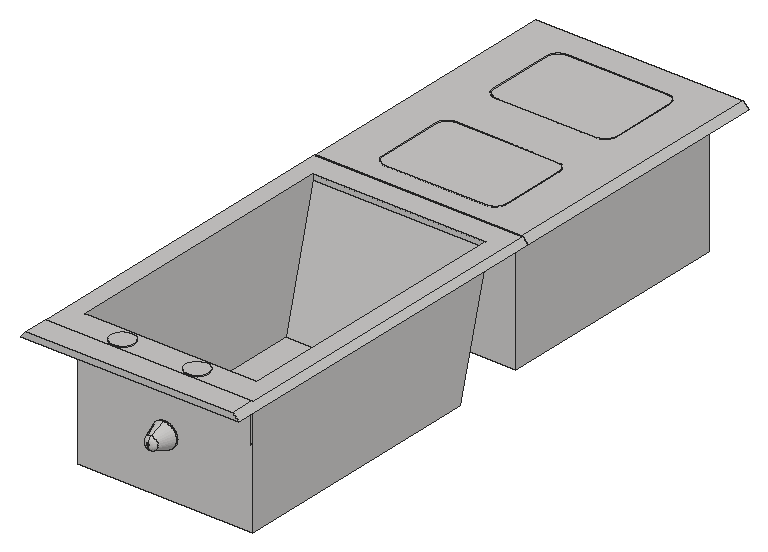
Revit family "Water_Cooler-Bottle_Filler-Wall_Mounted-Acorn-Murdock-AR81408S", category Plumbing Fixtures, host Face, Revit 2016
Family settings
  Host = Face
  Part Type = Normal
  Round Connector Dimension = Use Diameter
  OmniClass Number = 23.65.70.14.11
  OmniClass Title = Drinking Fountains/Coolers
  Cut with Voids When Loaded = No
  Shared = Yes
  Room Calculation Point = No
Parameters (values of type "AR81408S")
  Width = 19"  # constant formula
  Weight Lbs = "110 lbs."  # constant formula
  Watts = 390 W  # constant formula
  Waste Connection = yes
  Warranty Documentation Link = "https://www.murdockmfg.com/uploads/docs/MM_Terms.pdf"
  WFU = 2  # constant formula
  WF3 3000-Gallon Capacity, NSF 42+53, 1-Micron Lead Reduction Filter = no
  WF1 1500-Gallon Capacity, NSF 42+53, = no
  Vent Connection = no
  URL = "http://www.murdockmfg.com/"
  Type Comments = ""
  Tempered Water Connection = no
  Specification = "Model AR81408S is a self-contained, Inverted and Fully Recessed Pressurized Electric Drinking Fountain that shall deliver a minimum of 8.0 GPH (30.3 LPH) of water at 50°F (10°C) cooled from 80°F (26.7°C) inlet water and 90°F (32.2°C) ambient. Unit shall be activated by a chrome plated brass Front Pushbutton(s) using less then 5 pounds of force. Bubbler shall be Stainless Steel, Ligature Resistant and operates on a water pressure range of 20–105 PSIG. Cabinet Panels shall be constructed from 304 Stainless Steel and the Bowl shall have an Integral Ligature Resistant Drain. Cooling system shall use R-134a refrigerant and be capillary tube regulated. An adjustable Thermostat with an off position shall regulate the Refrigeration System. Unit shall be listed by Underwriters Laboratories for both the US and Canada and is compliant to the Air Conditioning and Refrigeration Institute Standard 1010. Unit is certified to ANSI A117.1, Public Law 111-380 (NO-LEAD), CHSC 116875 and NSF/ANSI 61, Section 9. Fixture meets AD], ADA Standing Person, and ADA Child requirements when mounted appropriately."
  Product Page URL = "https://www.murdockmfg.com/product.aspx?ProductId=341"
  Product Documentation Link = "https://www.murdockmfg.com/uploads/fileLibrary/AR81.8.pdf"
  Model = "AR81408S"
  Material = "Metal-Murdock-Stainless Steel-Type 304-Satin"
  Manufacturer = "Murdock"  # constant formula
  Load Rating = "4.6 Full Load Amps"  # constant formula
  Length = 12"  # constant formula
  LBPH Less Bubbler & Less Bubbler Pushbutton Actuator = no
  Installation Type = "FULLY RECESSED, WALL MOUNTED"  # constant formula
  Inlet Diameter Connection = 3/8"  # constant formula
  Height = 55 1/2"  # constant formula
  HWFU = 0  # constant formula
  HW Connection = no
  GPH = "8.0 GPH"  # constant formula
  Finish = Metal-Murdock-Stainless Steel-Type 304-Satin
  Description = "This 16-gauge stainless steel recessed fountain is designed with ligature-resistant features including bubbler, drain, and bottle filler spout. Water is chilled with an in-wall chiller rated at 8 GPH. The unit is ADA-compliant when properly installed with a wheelchair alcove."
  Default Elevation = 33"
  Creation Date = "6/02/2020"  # constant formula
  Connection Size = 1 1/4"  # constant formula
  CWFU = 1.5  # constant formula
  CW Connection = yes
  BF Ligature Resistant Bottle/Cup Filler = no
  Assembly Code = "D2010810"
  ADA Compliant = yes
  220V 220 Volt/50 Hz or 60 Hz Compressor = no
Reference planes (in)
  plane 1 "Center (Front/Back)": y = 0
  plane 2: z = 0
  plane 3 "Center (Left/Right)": x = 0
  plane 4: y = -11
  plane 5: y = -12
  plane 6: x = -9.5
  plane 7: x = 9.5
  plane 8: y = -14.375
  plane 9: y = 15
  plane 10: y = 12.875
  plane 11: z = 0.5
  plane 12: x = -8.125
  plane 13: x = 8.125
  plane 14: z = -11
  plane 15: z = -12
  plane 16: x = -7.5
  plane 17: x = 7.5
  plane 18: z = 0.46875
  plane 19: x = -7.625
  plane 20: x = 7.625
  plane 21: z = -1.6875
  plane 22: x = 6.5
  plane 23: x = -0.96875
  plane 24: x = 0.96875
  plane 25: y = -42.5
  plane 26: y = -16.5
  plane 27: y = 39
  plane 28: y = 38.5
  plane 29: y = -16
Forms (in)
  Extrusion 1, solid, material "Metal-Murdock-Stainless Steel-Type 304-Satin" <- "Finish"
    sketch origin (0, 0, 0) x (1, 0, 0) y (0, 0, 1)
      loop
        line (9.03125, 0.46875) -> (-9.03125, 0.46875) -> (-9.5, 0) -> (9.5, 0) -> (9.03125, 0.46875)
    from -15 to 14.375
  Extrusion 2, solid, material "Metal-Murdock-Stainless Steel-Type 304-Satin" <- "Finish"
    sketch origin (0, 0, 0) x (0, 1, 0) y (0, 0, 1)
      loop
        line (12.875, 0) -> (9.88839, -10.9375) -> (-12.57358, -10.9375) -> (-12.57358, 0) -> (-12.63608, 0) -> (-12.63608, -11) -> (9.93612, -11) -> (12.93979, 0) -> (12.875, 0)
      loop
        line (37.21067, 0) -> (16.21067, 0) -> (16.21067, -11) -> (37.21067, -11) -> (37.21067, 0)
    from -7.5 to 7.5
  Extrusion 3, void
    sketch origin (0, 0, 0) x (1, 0, 0) y (0, 1, 0)
      loop
        line (-7.5, 12.875) -> (-7.5, -12) -> (7.5, -12) -> (7.5, 12.875) -> (-7.5, 12.875)
      loop
        arc (4.375, 28.8125) -> (5.08211, 29.10539) -> (5.375, 29.8125) r 1
        line (5.375, 29.8125) -> (5.375, 35.5625)
        arc (5.375, 35.5625) -> (5.08211, 36.26961) -> (4.375, 36.5625) r 1
        line (4.375, 36.5625) -> (-4.3125, 36.5625)
        arc (-4.3125, 36.5625) -> (-5.01961, 36.26961) -> (-5.3125, 35.5625) r 1
        line (-5.3125, 35.5625) -> (-5.3125, 29.8125)
        arc (-5.3125, 29.8125) -> (-5.01961, 29.10539) -> (-4.3125, 28.8125) r 1
        line (-4.3125, 28.8125) -> (4.375, 28.8125)
      loop
        arc (4.375, 16.8125) -> (5.08211, 17.10539) -> (5.375, 17.8125) r 1
        line (5.375, 17.8125) -> (5.375, 23.5625)
        arc (5.375, 23.5625) -> (5.08211, 24.26961) -> (4.375, 24.5625) r 1
        line (4.375, 24.5625) -> (-4.375, 24.5625)
        arc (-4.375, 24.5625) -> (-5.08211, 24.26961) -> (-5.375, 23.5625) r 1
        line (-5.375, 23.5625) -> (-5.375, 17.8125)
        arc (-5.375, 17.8125) -> (-5.08211, 17.10539) -> (-4.375, 16.8125) r 1
        line (-4.375, 16.8125) -> (4.375, 16.8125)
    from 0 to 0.5
  Extrusion 4, solid, material "Metal-Murdock-Stainless Steel-Type 304-Satin" <- "Finish"
    sketch origin (0, 0, 0) x (1, 0, 0) y (0, 1, 0)
      loop
        circle (-3.25, -13.1875) r 1
      loop
        circle (3.25, -13.1875) r 1
    from 0.46875 to 0.5
  Extrusion 5, solid, material "Metal-Murdock-Stainless Steel-Type 304-Satin" <- "Finish"
    sketch origin (0, 0.375, 0) x (1, 0, 0) y (0, 1, 0)
      loop
        arc (-4.375, 36.1875) -> (-5.08211, 35.89461) -> (-5.375, 35.1875) r 1
        line (-5.375, 35.1875) -> (-5.375, 29.4375)
        arc (-5.375, 29.4375) -> (-5.08211, 28.73039) -> (-4.375, 28.4375) r 1
        line (-4.375, 28.4375) -> (4.375, 28.4375)
        arc (4.375, 28.4375) -> (5.08211, 28.73039) -> (5.375, 29.4375) r 1
        line (5.375, 29.4375) -> (5.375, 35.1875)
        arc (5.375, 35.1875) -> (5.08211, 35.89461) -> (4.375, 36.1875) r 1
        line (4.375, 36.1875) -> (-4.375, 36.1875)
      loop
        arc (-4.375, 24.1875) -> (-5.08211, 23.89461) -> (-5.375, 23.1875) r 1
        line (-5.375, 23.1875) -> (-5.375, 17.4375)
        arc (-5.375, 17.4375) -> (-5.08211, 16.73039) -> (-4.375, 16.4375) r 1
        line (-4.375, 16.4375) -> (4.375, 16.4375)
        arc (4.375, 16.4375) -> (5.08211, 16.73039) -> (5.375, 17.4375) r 1
        line (5.375, 17.4375) -> (5.375, 23.1875)
        arc (5.375, 23.1875) -> (5.08211, 23.89461) -> (4.375, 24.1875) r 1
        line (4.375, 24.1875) -> (-4.375, 24.1875)
    from 0.44255 to 0.47739
  Extrusion 6, solid, material "Metal-Murdock-Stainless Steel-Type 304-Satin" <- "Finish"
    sketch origin (0, 0, 0) x (0, 1, 0) y (0, 0, 1)
      loop
        line (9.93612, -11) -> (12.93979, 0) -> (12.93979, 0.46875) -> (-12.0625, 0.46875) -> (-12.0625, -1.17599) -> (-12.63608, -1.99514) -> (-12.63608, -11) -> (9.93612, -11)
    from -7.5 to -7.625
  Extrusion 7, solid, material "Metal-Murdock-Stainless Steel-Type 304-Satin" <- "Finish"
    sketch origin (0, 0, 0) x (0, 1, 0) y (0, 0, -1)
      loop
        line (9.93612, 11) -> (-12.63608, 11) -> (-12.63608, 4.17445) -> (-12.0625, 3.35529) -> (-12.0625, -0.46875) -> (12.93979, -0.46875) -> (12.93979, 0) -> (9.93612, 11)
    from -7.5 to -7.625
  Revolve 8, solid, material "Metal-Murdock-Stainless Steel-Type 304-Satin" <- "Finish"
    sketch origin (6.5, 60, 48) x (0, 1, 0) y (0, 0, 1)
      loop
        line (-71.16016, -49.37921) -> (-72, -49.07353) -> (-72, -49.6875) -> (-71, -49.6875) -> (-71, -49.60794)
        arc (-71, -49.60794) -> (-71.04402, -49.46832) -> (-71.16016, -49.37921) r 0.24341
      axis (-72, -49.6875) -> (-71, -49.6875)
    angle from 0 to 360
  Blend 9, solid, material "Metal-Murdock-Stainless Steel-Type 304-Satin" <- "Finish"
    base sketch origin (0, 0, 0) x (0, 1, 0) y (0, 0, 1)
      loop
        line (-12.57358, -4.19415) -> (-12, -3.375) -> (-12, 0) -> (-12.57358, 0) -> (-12.57358, -4.19415)
    top sketch origin (0, 0, 0) x (0, 1, 0) y (0, 0, 1)
      loop
        line (-12.57358, 0) -> (-12.57358, -1.90588) -> (-12, -1.08673) -> (-12, 0) -> (-12.57358, 0)
    from 7.625 to -7.625
  Revolve 10, solid, material "Metal-Murdock-Stainless Steel-Type 304-Satin" <- "Finish"
    sketch origin (0, 0.3125, 0) x (0, 1, 0) y (0, 0, 1)
      loop
        line (-0.28878, -9.81031) -> (-0.69904, -10.9375) -> (0.125, -10.9375) -> (0.125, -9.59535) -> (0.01822, -9.59535)
        arc (0.01822, -9.59535) -> (-0.16917, -9.65443) -> (-0.28878, -9.81031) r 0.32669
      axis (0.125, -10.9375) -> (0.125, -9.59535)
    angle from 0 to 360
  Extrusion 11, void
    sketch origin (0, 0, 0) x (0, 1, 0) y (0, 0, 1)
      loop
        line (0.13762, -9.53299) -> (-0.44979, -9.53299) -> (-0.44979, -10.9375) -> (0, -10.9375) -> (0.13762, -9.53299)
    from -0.96875 to 0.96875
  Revolve 12, solid, material "Metal-Murdock-Stainless Steel-Type 304-Satin" <- "Finish"
    sketch origin (0, -15.48578, -4.73457) x (0, 0, 1) y (0, -1, 0)
      loop
        arc (-1.83895, -1.39106) -> (-1.683, -1.18781) -> (-1.43867, -1.11078) r 0.42597
        line (-1.43867, -1.11078) -> (-1.40603, -1.11078) -> (-1.40603, -1.07953) -> (-1.43867, -1.07953)
        arc (-1.43867, -1.07953) -> (-1.70092, -1.16222) -> (-1.86832, -1.38037) r 0.45722
        line (-1.86832, -1.38037) -> (-2.37203, -2.7643)
        arc (-2.37203, -2.7643) -> (-2.38102, -2.79785) -> (-2.38405, -2.83245) r 0.19927
        line (-2.38405, -2.83245) -> (-2.38405, -2.9122) -> (-2.3528, -2.9122) -> (-2.3528, -2.83245)
        arc (-2.3528, -2.83245) -> (-2.35024, -2.80328) -> (-2.34266, -2.77499) r 0.16802
        line (-2.34266, -2.77499) -> (-1.83895, -1.39106)
      axis (-1.3011, -2.9122) -> (-1.3011, -1.07953)
    angle from 0 to 360
  Revolve 13, void
    sketch origin (0, 0, 0) x (0, 1, 0) y (0, 0, 1)
      loop
        line (-12.57358, -4.98397) -> (-12.63608, -4.98397) -> (-12.63608, -6.03567) -> (-12.57358, -6.03567) -> (-12.57358, -4.98397)
      axis (-12.63608, -6.03567) -> (-12.57358, -6.03567)
    angle from 0 to 360
  Extrusion 14, void
    sketch origin (-60.04412, -36.63609, 0) x (1, 0, 0) y (0, 1, 0)
      loop
        line (68.16912, 20.63609) -> (68.16912, 75.13609) -> (51.91912, 75.13609) -> (51.91912, 20.63609) -> (68.16912, 20.63609)
    from -12 to 0
  Revolve 15, solid, not visible
    sketch origin (0, 0, 0) x (0, 1, 0) y (0, 0, 1)
      loop
        line (15, -12) -> (14.75, -12) -> (14.75, -12.03125) -> (15, -12.03125) -> (15, -12)
      axis (15, -12.03125) -> (15, -11.99188)
    angle from 0 to 360
  Revolve 16, solid, not visible
    sketch origin (0, 8, 0) x (0, 1, 0) y (0, 0, 1)
      loop
        line (-22.375, -12) -> (-23, -12) -> (-23, -12.03125) -> (-22.375, -12.03125) -> (-22.375, -12)
      axis (-22.375, -12.03125) -> (-22.375, -11.99188)
    angle from 0 to 360
  Extrusion 17, solid, material "Metal-Murdock-Stainless Steel-Type 304-Satin" <- "Finish"
    sketch origin (0, 37.375, 0) x (1, 0, 0) y (0, 0, 1)
      loop
        line (9, 0.5) -> (-9, 0.5) -> (-9.5, 0) -> (9.5, 0) -> (9, 0.5)
    from -1.625 to 22.375
  Extrusion 18, solid, material "Metal-Murdock-Stainless Steel-Type 304-Satin" <- "Finish"
    sketch origin (0, -29.40625, 0) x (1, 0, 0) y (0, 0, 1)
      loop
        line (9, 0.5) -> (-9, 0.5) -> (-9.5, 0) -> (9.5, 0) -> (9, 0.5)
    from -15.03125 to -12.90625
Cuts and joins
  Extrusion 3, Extrusion 11, Revolve 13 cuts Extrusion 1
  Extrusion 11, Revolve 13 cuts Extrusion 2
  Extrusion 11, Revolve 13 cuts Extrusion 4
  Extrusion 11, Revolve 13 cuts Extrusion 5
  Extrusion 11, Revolve 13 cuts Extrusion 6
  Extrusion 11, Revolve 13 cuts Extrusion 7
  Extrusion 11, Revolve 13 cuts Blend 9
  Extrusion 11 cuts Revolve 10
  Revolve 13 cuts Revolve 12
  joined: Extrusion 1, Extrusion 2, Extrusion 4, Extrusion 5, Extrusion 6, Extrusion 7, Revolve 8, Blend 9, Revolve 10, Revolve 12, Extrusion 18
  Extrusion 3 cuts Extrusion 17
Lines and regions (in)
  Masking region 1
    outline origin (0, 0, 0) x (1, 0, 0) y (0, 0, 1)
      loop
        line (-7.625, -11) -> (7.625, -11) -> (7.625, 0) -> (9.5, 0) -> (9, 0.5) -> (-9, 0.5) -> (-9.5, 0) -> (-7.625, 0) -> (-7.625, -11)
  symbolic lines, detail levels medium+fine
    curve 1: line (-7.625, 0, 0) -> (7.625, 0, 0)
Dimensions and locks (in)
  locked: plane 5 to plane 4 at 1
  "Width": plane 6 to plane 7
  equal spacing: plane 6, plane 3 "Center (Left/Right)", plane 7
  locked: plane 11 to level at 0.5
  plane 12 to plane 13 = 16 1/4"
  level to plane 14 = 11"
  "Length": level to plane 15
  plane 4 to Extrusion 2 sketch curve = 1.57358"
  locked: Extrusion 2 sketch curve to Extrusion 2 sketch curve at 0.0625  (x3)
  plane 16 to plane 17 = 15"
  equal spacing: plane 16, plane 3 "Center (Left/Right)", plane 17
  locked: plane 11 to plane 18 at 0.03125
  locked: plane 17 to plane 20 at 0.125
  equal spacing: plane 23, plane 3 "Center (Left/Right)", plane 24
  Extrusion 11 sketch curve to Extrusion 11 sketch curve to Extrusion 11 sketch curve = 0.13762" locked, 0.44979" locked
  locked: plane 15 to Revolve 15 sketch curve at 0.03125
  plane 25 to plane 4 = 31 1/2"
  plane 4 to plane 1 "Center (Front/Back)" = 11"
  plane 26 to plane 9 = 31 1/2"
  locked: plane 10 to plane 9 at 2.125
  plane 26 to plane 8 to plane 5 = 2 1/8" locked, 2 3/8" locked
  locked: plane 9 to plane 27 at 24
  "Height": plane 26 to plane 27
  aligned and locked: plane 2 to host face
  aligned and locked: level to host face
  aligned and locked: host face to Extrusion 1 sketch curve
  aligned and locked: level to Extrusion 2 sketch curve
  aligned and locked: plane 14 to Extrusion 2 sketch curve
  aligned and locked: Extrusion 2 sketch curve to level
  aligned and locked: Extrusion 2 to plane 16
  aligned and locked: plane 17 to Extrusion 2
  aligned and locked: Extrusion 3 sketch curve to plane 10
  aligned and locked: plane 11 to Extrusion 3
  aligned and locked: Extrusion 1 to plane 18
  aligned and locked: plane 5 to Extrusion 3
  aligned and locked: Extrusion 4 to cut or joined group 1 (Extrusion 1, Extrusion 2, Extrusion 3, Extrusion 4, Extrusion 5, Extrusion 6, Extrusion 7, Revolve 8, Blend 9, Revolve 10, Extrusion 11, Revolve 12, Revolve 13, Extrusion 18)
  aligned and locked: plane 11 to Extrusion 4
  aligned and locked: cut or joined group 1 to Extrusion 6 sketch curve
  aligned and locked: Extrusion 2 to Extrusion 6
  aligned and locked: Extrusion 6 to plane 19
  aligned and locked: cut or joined group 1 to Blend 9 sketch curve
  aligned and locked: Extrusion 11 sketch curve to cut or joined group 1
  aligned and locked: plane 23 to Extrusion 11
  aligned and locked: Extrusion 11 to plane 24
  aligned and locked: plane 8 to Revolve 12 sketch curve
  aligned and locked: Masking region 1 sketch curve to cut or joined group 1  (x6)
  aligned and locked: cut or joined group 1 to curve 1  (x2)
  aligned and locked: curve 1 to cut or joined group 1
  aligned and locked: plane 26 to Extrusion 18
  aligned and locked: Extrusion 18 to plane 8
  aligned and locked: Extrusion 17 to plane 27
  aligned and locked: Extrusion 5 to Extrusion 3
  aligned and locked: plane 9 to Revolve 15 sketch curve
  aligned and locked: Revolve 15 sketch curve to plane 9
  aligned and locked: Extrusion 14 to plane 28
  aligned and locked: plane 29 to Extrusion 14
Automatic sketch dimensions
  curve 1 to level = 0"
  host sketch curve to host sketch curve = 96"
  host sketch curve to host sketch curve = 117.04775"
  Extrusion 1 sketch curve to plane 6 = 0"
  Extrusion 1 sketch curve to plane 18 = 0"
  Extrusion 1 sketch curve to plane 7 = 0"
  plane 6 to Extrusion 1 sketch curve = 15/32"
  Extrusion 1 sketch curve to plane 7 = 15/32"
  plane 23 to Extrusion 4 sketch curve = 2 9/32"
  Extrusion 4 sketch curve to plane 24 = 2 9/32"
  plane 5 to Extrusion 4 sketch curve = 1 3/16"  (x2)
  Extrusion 6 sketch curve to plane 14 = 0"
  Extrusion 6 sketch curve to level = 0"
  Extrusion 6 sketch curve to plane 21 = 0.30764"
  plane 5 to Extrusion 6 sketch curve = 0.63608"
  plane 5 to Extrusion 6 sketch curve = 1/16"
  plane 10 to Extrusion 6 sketch curve = 2.93888"
  Extrusion 6 sketch curve to plane 10 = 0.06479"
  plane 21 to Extrusion 6 sketch curve = 0.51151"
  Extrusion 7 sketch curve to plane 14 = 0"
  plane 18 to Extrusion 7 sketch curve = 0"
  Extrusion 7 sketch curve to level = 0"
  plane 5 to Extrusion 7 sketch curve = 0.63608"
  plane 5 to Extrusion 7 sketch curve = 1/16"
  plane 10 to Extrusion 7 sketch curve = 2.93888"
  Extrusion 7 sketch curve to plane 10 = 0.06479"
  Extrusion 7 sketch curve to plane 21 = 1.66779"
  Extrusion 7 sketch curve to Extrusion 7 sketch curve = 0.81915"
  Revolve 8 sketch curve to plane 5 = 0"
  Revolve 8 sketch curve to plane 4 = 0"
  Revolve 8 sketch curve to plane 21 = 0"  (x2)
  plane 21 to Revolve 8 sketch curve = 0.07956"
  Revolve 8 sketch curve to Revolve 8 sketch curve = 0.24341"
  plane 4 to Revolve 8 sketch curve = 41/256"
  plane 21 to Revolve 8 sketch curve = 0.61397"
  Revolve 8 sketch curve to plane 4 = 0.59415"
  Revolve 8 sketch curve to Revolve 8 sketch curve = 0.3807"
  Blend 9 sketch curve to level = 0"  (x2)
  plane 5 to Blend 9 sketch curve = 0.57358"  (x2)
  Blend 9 sketch curve to plane 21 = 1 11/16"
  Blend 9 sketch curve to Blend 9 sketch curve = 0.81915"
  Blend 9 sketch curve to plane 5 = 0"
  plane 21 to Blend 9 sketch curve = 0.60077"
  Blend 9 sketch curve to plane 21 = 0.21838"
  plane 14 to Revolve 10 sketch curve = 1/16"
  plane 1 "Center (Front/Back)" to Revolve 10 sketch curve = 0.38654"
  Revolve 10 sketch curve to plane 1 "Center (Front/Back)" = 0.02372"
  Revolve 10 sketch curve to Revolve 10 sketch curve = 0.30699"
  Revolve 10 sketch curve to plane 1 "Center (Front/Back)" = 7/16"  (x2)
  Revolve 10 sketch curve to Revolve 10 sketch curve = 1.01546"
  Revolve 10 sketch curve to Revolve 10 sketch curve = 0.11174"
  Revolve 10 sketch curve to Revolve 10 sketch curve = 0.79744"
  Revolve 10 sketch curve to Revolve 10 sketch curve = 0.51095"
  Extrusion 11 sketch curve to plane 1 "Center (Front/Back)" = 0"
  Extrusion 11 sketch curve to Extrusion 11 sketch curve = 1.40451"
  Revolve 12 sketch curve to Revolve 12 sketch curve = 0"  (x4)
  plane 5 to Revolve 12 sketch curve = 0.65332"
  plane 14 to Revolve 12 sketch curve = 3.88138"
  plane 5 to Revolve 12 sketch curve = 0.72148"
  Revolve 12 sketch curve to Revolve 12 sketch curve = 0.01202"
  Revolve 12 sketch curve to Revolve 12 sketch curve = 1/32"
  plane 5 to Revolve 12 sketch curve = 0.71079"
  Revolve 12 sketch curve to plane 8 = 0.26959"
  Revolve 12 sketch curve to Revolve 12 sketch curve = 0.50371"
  Revolve 12 sketch curve to plane 8 = 0.28028"
  Revolve 12 sketch curve to Revolve 12 sketch curve = 0.02937"
  Revolve 12 sketch curve to Revolve 12 sketch curve = 0.40028"
  Revolve 12 sketch curve to Revolve 12 sketch curve = 0.03265"
  Revolve 12 sketch curve to Revolve 12 sketch curve = 0.07975"
  Revolve 12 sketch curve to Revolve 12 sketch curve = 0.10493"
  Revolve 12 sketch curve to Revolve 12 sketch curve = 0.95709"
  Revolve 12 sketch curve to Revolve 12 sketch curve = 0.66622"
  plane 5 to Revolve 13 sketch curve = 0.63608"
  Revolve 13 sketch curve to Revolve 13 sketch curve = 1/16"
  Revolve 13 sketch curve to plane 21 = 4.34817"
  Revolve 13 sketch curve to Revolve 13 sketch curve = 1.0517"
  Revolve 13 sketch curve to Revolve 13 sketch curve = 0.12669"
  Revolve 13 sketch curve to Revolve 13 sketch curve = 0.06183"
  Revolve 13 sketch curve to Revolve 13 sketch curve = 0"
  Extrusion 14 sketch curve to plane 12 = 0"
  Extrusion 14 sketch curve to plane 13 = 0"
  Extrusion 14 sketch curve to plane 10 = 25 5/8"
  Extrusion 14 sketch curve to plane 25 = 26 1/2"
  Revolve 16 sketch curve to plane 15 = 0"
  Revolve 16 sketch curve to plane 8 = 0"  (x2)
  Revolve 16 sketch curve to plane 15 = 1/32"
  plane 8 to Revolve 16 sketch curve = 5/8"
  plane 15 to Revolve 16 sketch curve = 0.03044"
  Revolve 16 sketch curve to Revolve 16 sketch curve = 0.03953"
  Masking region 1 sketch curve to plane 11 = 0"
  Masking region 1 sketch curve to level = 0"
  Extrusion 17 sketch curve to level = 0"
  Extrusion 17 sketch curve to plane 6 = 0"
  Extrusion 17 sketch curve to plane 11 = 0"
  Extrusion 17 sketch curve to plane 7 = 0"
  plane 6 to Extrusion 17 sketch curve = 1/2"
  Extrusion 17 sketch curve to plane 7 = 1/2"
  Extrusion 18 sketch curve to level = 0"
  Extrusion 18 sketch curve to plane 6 = 0"
  Extrusion 18 sketch curve to plane 11 = 0"
  Extrusion 18 sketch curve to plane 7 = 0"
  plane 6 to Extrusion 18 sketch curve = 1/2"
  Extrusion 18 sketch curve to plane 7 = 1/2"
  Extrusion 2 sketch curve to plane 10 = 0"
  Extrusion 2 sketch curve to level = 0"
  Extrusion 2 sketch curve to plane 14 = 0"
  plane 10 to Extrusion 2 sketch curve = 2.98661"
  Extrusion 2 sketch curve to plane 9 = 1.21067"
  plane 27 to Extrusion 2 sketch curve = 1.78933"
  plane 5 to Extrusion 3 sketch curve = 0"
  Extrusion 3 sketch curve to plane 16 = 0"
  Extrusion 3 sketch curve to plane 17 = 0"
  plane 16 to Extrusion 3 sketch curve = 2 1/8"
  plane 27 to Extrusion 3 sketch curve = 9 3/16"  (x2)
  plane 16 to Extrusion 3 sketch curve = 2 3/16"
  Extrusion 3 sketch curve to Extrusion 3 sketch curve = 1"  (x5)
  Extrusion 3 sketch curve to plane 22 = 2 1/8"  (x4)
  Extrusion 3 sketch curve to plane 9 = 1 13/16"
  Extrusion 3 sketch curve to Extrusion 3 sketch curve = 5 1/4"
  plane 27 to Extrusion 3 sketch curve = 3 7/16"
  plane 16 to Extrusion 5 sketch curve = 2 1/8"  (x2)
  Extrusion 5 sketch curve to Extrusion 5 sketch curve = 1"  (x6)
  Extrusion 5 sketch curve to plane 22 = 2 1/8"  (x4)
  Extrusion 5 sketch curve to plane 9 = 1 13/16"
  Extrusion 5 sketch curve to Extrusion 5 sketch curve = 5 3/4"
  Extrusion 5 sketch curve to Extrusion 5 sketch curve = 4 1/4"
  plane 27 to Extrusion 5 sketch curve = 3 7/16"
  Revolve 15 sketch curve to plane 15 = 0"
  plane 9 to Revolve 15 sketch curve = 1/4"
  plane 15 to Revolve 15 sketch curve = 0.03044"
  Revolve 15 sketch curve to Revolve 15 sketch curve = 0.03953"
  radius of Extrusion 4 sketch curve = 1"  (x2)
Connectors (in)
  piping at (0, 15, -12.03125), diameter 0.375, driven by "CWFU", driven by "Inlet Diameter Connection"
    settings: on Revolve 15, index 1, connector inside diameter 24", connector length 0", flow factor 0, pipe flow 0 GPM, pressure drop 0.00 psi, fitting loss kfactor 0, connector angle 0.00°, fixture units 1.5, engagement length 0", angle of deflection 0.00°, flow configuration 3, flow direction 1, fitting loss method 0, system type 20, joint type 0, gender type 0, connector reference index -1, connector utility 0, adjustable connector no, is connector primary yes, connector description "3/8\" Inlet Supply Connection"
  piping at (0, -14.375, -12.03125), diameter 1.25, driven by "Connection Size"
    settings: on Revolve 16, index 2, connector inside diameter 24", connector length 0", flow factor 0, pipe flow 0 GPM, pressure drop 0.00 psi, fitting loss kfactor 0, connector angle 0.00°, fixture units 0, engagement length 0", angle of deflection 0.00°, flow configuration 0, flow direction 2, fitting loss method 0, system type 16, joint type 0, gender type 0, connector reference index -1, connector utility 0, adjustable connector no, is connector primary no, connector description "1 1/4\" Waste Outlet Connection"
  electrical at (-7.5, 26.71067, -5.5)
    settings: on cut or joined group 1, index 3, voltage 120 V, apparent load 4.6 VA, apparent load phase1 0 VA, apparent load phase2 0 VA, apparent load phase3 0 VA, power factor 1, load classification "Other", number of poles 1, system type 30, power factor state 1, is connector primary yes, connector utility no, sub classification motor no, connector description "Power Supply"
